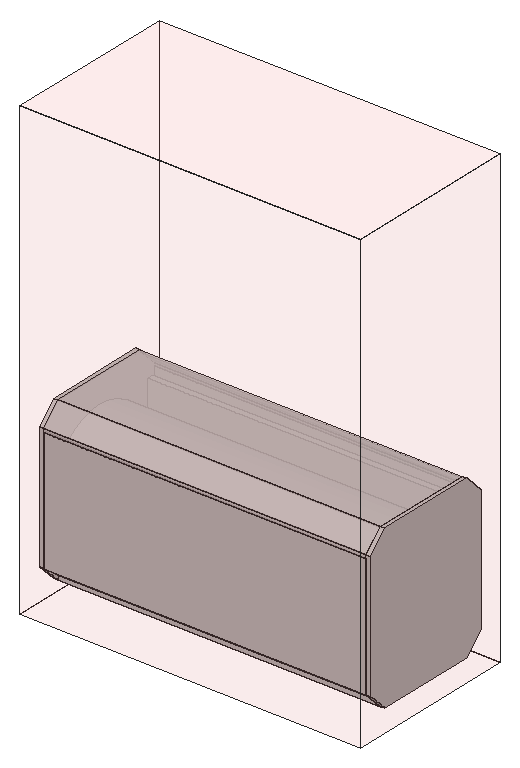
Revit family "Air-Curtain_Specialty_PoweredAire_LDX-Hazardous", category Mechanical Equipment, host Face, Revit 2026
Family settings
  Host = Face
  Round Connector Dimension = Use Diameter
  Part Type = Normal
  Classification Number = 23.75.35.17.21
  Cut with Voids When Loaded = No
  Maintain Annotation Orientation = No
  Shared = No
  Room Calculation Point = No
Parameters
  Warranty Duration (Years) = 0
  Unit Width Notes = "Other Widths available."  # constant formula
  Unit Width = 3' - 0"
  Unit Weight = 0
  Unit Height = 1' - 3"
  Unit Depth = 1' - 5 1/2"
  URL = "http://www.poweredaire.com/"
  Test Data = ""
  Standards Conformance = "as Specified"
  Specification = "http://www.arcat.com/sdspecs/htm04/23_34_33pai.htm"
  SpecWizard = ""
  Sound Pressure = "as Specified"
  Sales Information = "http://www.poweredaire.com/contact_us"
  Revision = "R1_2016-08"
  Projection from Host [instance] = 0' - 2"
  Product Properties = ""
  Product Data = "http://www.arcat.com/arcatcos/cos47/arc47623.html"
  Power Rating = 0 W
  Nozzle Width = if(1 = 1, Unit Width - 0' 1", 0' 0")  # 2' - 11"
  Mounting Width = if(1 = 1, Unit Width - 0' 0 15/16", 0' 0")  # 2' - 11 1/16"
  Mounting Height [instance] = 3' - 6"
  Motor RPM = 0
  Motor HP = 0
  Motor Count = 0
  Model = "As Specified"
  Max Height = 0' - 0"
  Manufacturer Website = "http://www.poweredaire.com/"
  Manufacturer Phone - Toll Free = "888-321-2473"
  Manufacturer Phone = "724-588-3305"
  Manufacturer Fax = "724-588-3371"
  Manufacturer Address = "109 Mortensen Rd.  Greenville, PA 16125"
  Manufacturer = "Powered Aire, Inc"
  Maintenance Schedule (Months) = 0
  Keynote = "23 34 33"
  Installation-Fabrication = ""
  Installation Phase = ""
  Include Clearance [instance] = yes
  Heating Element Load = 0 W
  HVAC_Temperature Rise = 0 °F
  HVAC_Outlet Volume = 0 CFM
  HVAC_Outlet Velocity Uniformity = 0
  HVAC_Outlet Velocity = 0 FPM
  Green Building-LEED = "http://www.arcat.com/green/clients/leed_data_47623.html"
  Front Grating Material [instance] = Metal - Steel - PoweredAire - Stainless 304 Perforated
  Frame Finish [instance] = Metal - Steel - PoweredAire - Stainless 304
  Expected Lifespan (Years) = 0
  Electrical_Wattage [instance] = Power Rating + Heating Element Load  # 0 W
  Electrical_Voltage [instance] = 0 V
  Electrical_Phase [instance] = 1
  Electrical_Frequency [instance] = 0 Hz
  Electrical_Amperage [instance] = 0 A
  Drawn By = "Sumex Design, Inc. / Robert S. Weygant, CSI, CDT, SCIP"
  Description = "Powered Aire Air Curtain as Specified"
  Default Elevation = 0' - 0"  # constant formula
  Copyright = "©Arcat Inc."
  Construction Details = "http://www.arcat.com/details/powair/prod3336.html"
  Clearance_Top [instance] = 0' - 2"
  Clearance_Side B [instance] = 0' - 0 1/2"
  Clearance_Side A [instance] = 0' - 0 1/2"
  Clearance_Intake [instance] = 2' - 6"
  Clearance_Bottom [instance] = 0' - 2"
  Clearance Material [instance] = ARCAT Clearance
  Building Codes = ""
  Available Options [instance] = "as Specified"
  Assembly Code = "D3090400"
Reference planes (in)
  plane 1 "Center (Elevation)": y = 0.13818
  plane 2: z = 0
  plane 3 "Center (Left/Right)": x = 0
  plane 4: y = 7.63818
  plane 5: y = -7.36182
  plane 6: x = -18
  plane 7: x = 18
  plane 8: z = 19.5
  plane 9 "FF": y = -41.86182
  plane 10: z = 2
  plane 11: x = 17.5
  plane 12: x = -17.5
  plane 13: y = 9.63818
  plane 14: y = -9.36182
  plane 15: x = -18.5
  plane 16: x = 18.5
  plane 17: z = 49.5
Forms (in)
  Extrusion 1, solid, material "Metal - Steel - PoweredAire - Stainless 304" <- "Frame Finish"
    sketch origin (0, 0, 0) x (0, 1, 0) y (0, 0, 1)
      loop
        line (5.69363, 2) -> (7.63818, 3.94454) -> (7.63818, 17.55546) -> (5.69363, 19.5) -> (-5.41728, 19.5) -> (-7.36182, 17.55546) -> (-7.36182, 3.94454) -> (-5.41728, 2) -> (5.69363, 2)
    from 17.5 to 18
  Extrusion 2, solid, material "Metal - Steel - PoweredAire - Stainless 304" <- "Frame Finish"
    sketch origin (0, 0, -0.5) x (0, 1, 0) y (0, 0, 1)
      loop
        circle (0.13818, 10.9739) r 6.25
      loop
        line (6.63818, 16.89427) -> (6.63818, 5.87829) -> (7.33849, 5.87829) -> (7.33849, 16.89427) -> (6.63818, 16.89427)
      loop
        line (-7.02798, 16.76927) -> (-7.02798, 5.75329) -> (-6.36182, 5.75329) -> (-6.36182, 16.76927) -> (-7.02798, 16.76927)
    from -17.5 to 17.5
  Extrusion 3, solid, material "Metal - Steel - PoweredAire - Stainless 304" <- "Frame Finish"
    sketch origin (0, 0, 0) x (0, 1, 0) y (0, 0, -1)
      loop
        line (5.69363, -2) -> (-5.41728, -2) -> (-7.36182, -3.94454) -> (-7.36182, -17.55546) -> (-5.41728, -19.5) -> (5.69363, -19.5) -> (7.63818, -17.55546) -> (7.63818, -3.94454) -> (5.69363, -2)
    from 17.5 to 18
  Extrusion 4, solid, material "Metal - Steel - PoweredAire - Stainless 304" <- "Frame Finish"
    sketch origin (0, 0, 0) x (0, 1, 0) y (0, 0, 1)
      loop
        line (-5.41728, 2) -> (5.69363, 2) -> (7.63818, 3.94454) -> (7.63818, 17.19454) -> (7.51318, 17.19454) -> (7.51318, 3.99632) -> (5.64186, 2.125) -> (-5.29228, 2.125) -> (-5.29228, 4.06954) -> (-7.23682, 4.06954) -> (-7.23682, 17.19454) -> (-7.36182, 17.19454) -> (-7.36182, 3.94454) -> (-5.41728, 3.94454) -> (-5.41728, 2)
      loop
        line (-6.64819, 3.61034) -> (-5.8702, 2.83235) -> (-5.74472, 2.95783) -> (-6.52271, 3.73583) -> (-6.64819, 3.61034)
    from -17.5 to 17.5
  Extrusion 5, solid, material "Metal - Steel - PoweredAire - Stainless 304 Perforated" <- "Front Grating Material"
    sketch origin (0, 0, 0) x (0, 1, 0) y (0, 0, 1)
      loop
        line (-7.36182, 17.19454) -> (-7.23682, 17.19454) -> (-7.23682, 17.50368) -> (-5.3655, 19.375) -> (5.64186, 19.375) -> (7.51318, 17.50368) -> (7.51318, 17.19454) -> (7.63818, 17.19454) -> (7.63818, 17.55546) -> (5.69363, 19.5) -> (-5.41728, 19.5) -> (-7.36182, 17.55546) -> (-7.36182, 17.19454)
    from -17.5 to 17.5
  Extrusion 6, solid, material "ARCAT Clearance" <- "Clearance Material", visible <- "Include Clearance"
    sketch origin (0, 0, 0) x (0, 1, 0) y (0, 0, 1)
      loop
        line (-9.36182, 49.5) -> (-9.36182, 0) -> (9.63818, 0) -> (9.63818, 49.5) -> (-9.36182, 49.5)
    from -18.5 to 18.5
Dimensions and locks (in)
  equal spacing: plane 4, plane 1 "Center (Elevation)", plane 5
  "Unit Height": plane 4 to plane 5
  equal spacing: plane 6, plane 3 "Center (Left/Right)", plane 7
  "Unit Width": plane 6 to plane 7
  "Mounting Height": plane 1 "Center (Elevation)" to plane 9 "FF"
  "Projection from Host": plane 10 to level
  "Unit Depth": plane 8 to plane 10
  locked: plane 6 to plane 12 at 0.5
  locked: plane 11 to plane 7 at 0.5
  "Clearance_Side A": plane 7 to plane 16
  "Clearance_Side B": plane 15 to plane 6
  "Clearance_Top": plane 13 to plane 4
  "Clearance_Bottom": plane 5 to plane 14
  "Clearance_Intake": plane 17 to plane 8
  aligned and locked: plane 2 to host face
  aligned and locked: level to host face
  aligned and locked: plane 7 to Extrusion 1
  aligned and locked: Extrusion 1 to plane 11
  aligned and locked: plane 12 to Extrusion 3
  aligned and locked: Extrusion 3 to plane 6
  aligned and locked: Extrusion 2 to plane 12
  aligned and locked: plane 11 to Extrusion 2
  aligned and locked: plane 11 to Extrusion 4
  aligned and locked: Extrusion 4 to plane 12
  aligned and locked: plane 11 to Extrusion 5
  aligned and locked: Extrusion 5 to plane 12
  aligned and locked: Extrusion 6 sketch curve to plane 17
  aligned and locked: plane 14 to Extrusion 6 sketch curve
  aligned and locked: level to Extrusion 6 sketch curve
  aligned and locked: Extrusion 6 sketch curve to plane 13
  aligned and locked: plane 16 to Extrusion 6
  aligned and locked: Extrusion 6 to plane 15
Automatic sketch dimensions
  host sketch curve to host sketch curve = 8' - 0"  (x2)
  Extrusion 1 sketch curve to plane 5 = 0' - 0"
  Extrusion 1 sketch curve to plane 8 = 0' - 0"
  Extrusion 1 sketch curve to plane 10 = 0' - 0"
  Extrusion 1 sketch curve to plane 4 = 0' - 0"
  plane 5 to Extrusion 1 sketch curve = 0' - 1.94454"  (x2)
  Extrusion 1 sketch curve to plane 4 = 0' - 1.94454"  (x2)
  plane 10 to Extrusion 1 sketch curve = 0' - 1.94454"  (x2)
  Extrusion 1 sketch curve to plane 8 = 0' - 1.94454"  (x2)
  Extrusion 2 sketch curve to plane 1 "Center (Elevation)" = 0' - 0"
  plane 5 to Extrusion 2 sketch curve = 0' - 1"
  plane 5 to Extrusion 2 sketch curve = 0' - 0.33384"
  Extrusion 2 sketch curve to plane 4 = 0' - 1"
  Extrusion 2 sketch curve to plane 4 = 0' - 0.29969"
  plane 10 to Extrusion 2 sketch curve = 0' - 3.37829"
  plane 10 to Extrusion 2 sketch curve = 0' - 3.25329"
  Extrusion 2 sketch curve to plane 8 = 0' - 9.0261"
  Extrusion 2 sketch curve to plane 8 = 0' - 3.23073"
  Extrusion 2 sketch curve to plane 8 = 0' - 3.10573"
  Extrusion 3 sketch curve to plane 5 = 0' - 0"
  Extrusion 3 sketch curve to plane 8 = 0' - 0"
  Extrusion 3 sketch curve to plane 10 = 0' - 0"
  Extrusion 3 sketch curve to plane 4 = 0' - 0"
  plane 5 to Extrusion 3 sketch curve = 0' - 1.94454"  (x2)
  Extrusion 3 sketch curve to plane 4 = 0' - 1.94454"  (x2)
  Extrusion 3 sketch curve to plane 8 = 0' - 1.94454"  (x2)
  plane 10 to Extrusion 3 sketch curve = 0' - 1.94454"  (x2)
  Extrusion 4 sketch curve to plane 5 = 0' - 0"
  Extrusion 4 sketch curve to plane 10 = 0' - 0"
  Extrusion 4 sketch curve to plane 4 = 0' - 0"
  plane 5 to Extrusion 4 sketch curve = 0' - 0 1/8"
  plane 5 to Extrusion 4 sketch curve = 0' - 0.71363"
  Extrusion 4 sketch curve to Extrusion 4 sketch curve = 0' - 0.12548"  (x2)
  Extrusion 4 sketch curve to Extrusion 4 sketch curve = 0' - 0.778"
  Extrusion 4 sketch curve to Extrusion 4 sketch curve = 0' - 0.32744"
  Extrusion 4 sketch curve to Extrusion 4 sketch curve = 0' - 0 1/8"  (x2)
  plane 10 to Extrusion 4 sketch curve = 0' - 0 1/8"
  Extrusion 4 sketch curve to plane 4 = 0' - 1.99632"
  Extrusion 4 sketch curve to Extrusion 4 sketch curve = 0' - 0.05178"  (x2)
  plane 10 to Extrusion 4 sketch curve = 0' - 0.83235"
  plane 10 to Extrusion 4 sketch curve = 0' - 1.94454"
  Extrusion 4 sketch curve to Extrusion 4 sketch curve = 0' - 0.3342"
  Extrusion 4 sketch curve to plane 4 = 0' - 0 1/8"
  Extrusion 4 sketch curve to plane 8 = 0' - 2.30546"  (x2)
  Extrusion 5 sketch curve to plane 5 = 0' - 0"
  Extrusion 5 sketch curve to plane 8 = 0' - 0"
  Extrusion 5 sketch curve to plane 4 = 0' - 0"
  plane 5 to Extrusion 5 sketch curve = 0' - 0 1/8"
  plane 5 to Extrusion 5 sketch curve = 0' - 1.94454"
  Extrusion 5 sketch curve to plane 8 = 0' - 0 1/8"
  Extrusion 5 sketch curve to Extrusion 5 sketch curve = 0' - 0.05178"  (x4)
  Extrusion 5 sketch curve to plane 4 = 0' - 1.99632"
  Extrusion 5 sketch curve to plane 8 = 0' - 1.94454"  (x2)
  Extrusion 5 sketch curve to Extrusion 5 sketch curve = 0' - 0 1/8"
  Extrusion 5 sketch curve to Extrusion 5 sketch curve = 0' - 0.30914"  (x2)
  radius of Extrusion 2 sketch curve = 0' - 6 1/4"
Connectors (in)
  electrical at (0, 7.63818, 10.56954), driven by "Electrical_Phase", driven by "Electrical_Voltage"
    settings: on Extrusion 4, index 1, voltage 0 V, apparent load 0 VA, apparent load phase1 0 VA, apparent load phase2 0 VA, apparent load phase3 0 VA, power factor 1, load classification "Motor", number of poles 1, system type 31, power factor state 1, is connector primary yes, connector utility no, sub classification motor no, connector description ""
